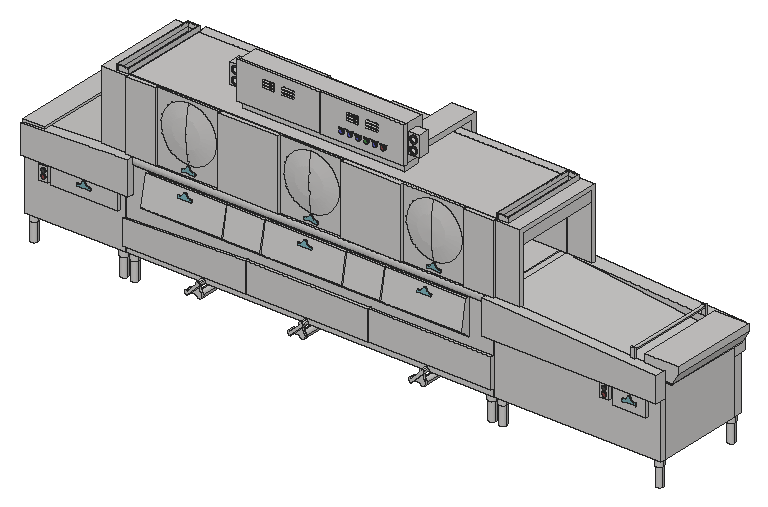
Revit family (continued)
Automatic sketch dimensions
  curve 115 to plane 64 = 0' - 0"
  curve 114 to plane 66 = 0' - 0"
  curve 31 to plane 49 = 0' - 0"
  curve 100 to plane 113 = 0' - 0"
  curve 98 to plane 112 = 0' - 0"
  curve 64 to plane 85 = 0' - 0"
  curve 57 to plane 84 = 0' - 0"
  curve 40 to plane 40 = 0' - 0"
  curve 41 to plane 37 = 0' - 0"
  curve 90 to plane 107 = 0' - 0"
  curve 88 to plane 106 = 0' - 0"
  curve 43 to plane 36 = 0' - 0"
  curve 44 to plane 39 = 0' - 0"
  curve 46 to plane 38 = 0' - 0"
  curve 48 to plane 35 = 0' - 0"
  curve 60 to plane 92 = 0' - 0"
  curve 142 to plane 123 = 0' - 0"
  curve 140 to plane 122 = 0' - 0"
  curve 48 to plane 34 = 0' - 0"
  curve 20 to plane 48 = 0' - 0"
  curve 119 to plane 52 = 0' - 0"
  curve 3 to plane 5 "FRONT" = 0' - 1"
  curve 7 to plane 5 "FRONT" = 0' - 1"
  plane 22 "Front of Main Body" to curve 80 = 0' - 1 1/8"
  plane 22 "Front of Main Body" to curve 132 = 0' - 1 1/8"
  plane 126 to curve 127 = 0' - 0 3/8"
  curve 127 to curve 127 = 0' - 1 1/8"
  curve 77 to plane 116 = 0' - 0 3/8"
  curve 77 to curve 75 = 0' - 1 1/8"
  plane 109 to curve 74 = 0' - 0 3/8"
  curve 74 to curve 73 = 0' - 1 1/8"
  plane 110 to curve 71 = 0' - 0 3/8"
  curve 71 to curve 69 = 0' - 1 1/8"
  curve 10 to curve 9 = 0' - 0 7/8"
  curve 38 to plane 22 "Front of Main Body" = 0' - 0.06488"
  curve 138 to plane 22 "Front of Main Body" = 0' - 0 3/4"
  curve 16 to plane 22 "Front of Main Body" = 0' - 0 3/4"
  curve 26 to plane 22 "Front of Main Body" = 0' - 0 3/4"
  curve 96 to plane 22 "Front of Main Body" = 0' - 0 3/4"
  curve 82 to plane 22 "Front of Main Body" = 0' - 0 3/4"
  curve 102 to curve 102 = 0' - 0 1/2"
  curve 107 to plane 31 "Back of Inside" = 0' - 0 1/2"
  curve 15 to plane 31 "Back of Inside" = 0' - 1"
  curve 33 to plane 31 "Back of Inside" = 0' - 1"
  curve 23 to curve 23 = 0' - 1"
  plane 21 "Back of Main Body" to curve 11 = 0' - 0 3/8"
  plane 1 "BACK" to curve 101 = 0' - 1 1/2"
  curve 5 to curve 5 = 0' - 1 1/2"
  plane 67 to curve 104 = 0' - 0 3/4"
  plane 67 to curve 107 = 0' - 0 3/4"
  curve 104 to curve 105 = 0' - 0 1/4"
  curve 109 to plane 67 = 0' - 0 1/2"
  curve 109 to curve 103 = 0' - 0 1/4"
  curve 109 to curve 108 = 0' - 0 1/4"
  curve 80 to curve 80 = 0' - 0 3/8"
  curve 145 to plane 75 = 0' - 0 1/2"
  curve 2 to plane 43 = 0' - 1 7/8"
  plane 125 to curve 131 = 0' - 0 3/8"
  radius of Extrusion 100 sketch curve = 0' - 1 1/4"
  radius of Extrusion 100 sketch curve = 0' - 1"
  radius of Extrusion 103 sketch curve = 0' - 0 5/8"
  radius of Extrusion 104 sketch curve = 0' - 0 5/8"
  radius of Extrusion 105 sketch curve = 0' - 0 5/8"
  radius of Extrusion 106 sketch curve = 0' - 0 5/8"
  radius of Extrusion 108 sketch curve = 0' - 1 1/4"
  radius of Extrusion 108 sketch curve = 0' - 1"
  radius of Extrusion 110 sketch curve = 0' - 1 1/4"
  radius of Extrusion 110 sketch curve = 0' - 1"
  radius of Extrusion 112 sketch curve = 0' - 1 1/4"
  radius of Extrusion 112 sketch curve = 0' - 1"
  radius of Extrusion 114 sketch curve = 0' - 0 5/8"
  radius of Extrusion 115 sketch curve = 0' - 0 5/8"
  radius of Extrusion 134 sketch curve = 0' - 1"
  radius of Extrusion 134 sketch curve = 0' - 1 1/8"
  radius of Extrusion 135 sketch curve = 0' - 1"
  radius of Extrusion 135 sketch curve = 0' - 1 1/8"
  radius of Extrusion 139 sketch curve = 0' - 1"
  radius of Extrusion 139 sketch curve = 0' - 1 1/8"
  radius of Extrusion 145 sketch curve = 0' - 1 1/4"
  radius of Extrusion 145 sketch curve = 0' - 1"
  radius of Extrusion 148 sketch curve = 0' - 0 5/8"
  radius of Extrusion 149 sketch curve = 0' - 0 5/8"
  radius of Extrusion 150 sketch curve = 0' - 0 5/8"
  radius of Extrusion 151 sketch curve = 0' - 0 5/8"
  radius of Extrusion 153 sketch curve = 0' - 1 1/4"
  radius of Extrusion 153 sketch curve = 0' - 1"
  radius of Extrusion 155 sketch curve = 0' - 1 1/4"
  radius of Extrusion 155 sketch curve = 0' - 1"
  radius of Extrusion 157 sketch curve = 0' - 1 1/4"
  radius of Extrusion 157 sketch curve = 0' - 1"
  radius of Extrusion 159 sketch curve = 0' - 0 5/8"
  radius of Extrusion 160 sketch curve = 0' - 0 5/8"
  radius of Extrusion 173 sketch curve = 0' - 1"
  radius of Extrusion 173 sketch curve = 0' - 1 1/8"
  radius of Extrusion 174 sketch curve = 0' - 1"
  radius of Extrusion 174 sketch curve = 0' - 1 1/8"
  radius of Extrusion 178 sketch curve = 0' - 1"
  radius of Extrusion 178 sketch curve = 0' - 1 1/8"
  radius of Extrusion 52 sketch curve = 0' - 0 3/4"
  radius of Extrusion 53 sketch curve = 0' - 0 3/4"
  radius of Extrusion 64 sketch curve = 0' - 0 1/2"
  radius of Extrusion 68 sketch curve = 0' - 0 3/4"
  radius of Extrusion 69 sketch curve = 0' - 0 3/4"
  radius of Extrusion 70 sketch curve = 0' - 1 3/16"
  radius of Extrusion 71 sketch curve = 0' - 1 7/16"
  radius of Extrusion 72 sketch curve = 0' - 1 3/16"
  radius of Extrusion 73 sketch curve = 0' - 1 7/16"
  radius of Extrusion 74 sketch curve = 0' - 1 3/16"
  radius of Extrusion 75 sketch curve = 0' - 1 7/16"
  radius of Extrusion 76 sketch curve = 0' - 1 3/16"
  radius of Extrusion 77 sketch curve = 0' - 1 7/16"
  radius of Extrusion 78 sketch curve = 0' - 1 3/16"
  radius of Extrusion 79 sketch curve = 0' - 1 7/16"
  radius of Extrusion 80 sketch curve = 0' - 1 3/16"
  radius of Extrusion 81 sketch curve = 0' - 1 7/16"
  radius of Extrusion 82 sketch curve = 0' - 1 3/16"
  radius of Extrusion 83 sketch curve = 0' - 1 7/16"
  radius of Extrusion 84 sketch curve = 0' - 1 3/16"
  radius of Extrusion 85 sketch curve = 0' - 1 7/16"
  radius of Extrusion 86 sketch curve = 0' - 1 3/16"
  radius of Extrusion 87 sketch curve = 0' - 1 7/16"
  radius of Extrusion 88 sketch curve = 0' - 1 3/16"
  radius of Extrusion 89 sketch curve = 0' - 1 7/16"
  radius of Extrusion 90 sketch curve = 0' - 1 3/16"
  radius of Extrusion 91 sketch curve = 0' - 1 7/16"
  radius of Extrusion 92 sketch curve = 0' - 1 3/16"
  radius of Extrusion 93 sketch curve = 0' - 1 7/16"
  radius of Extrusion 128 sketch curve = 0' - 1"
  radius of Extrusion 128 sketch curve = 0' - 1 1/8"
  radius of Sweep 131 sketch curve = 0' - 0 3/8"
  radius of Sweep 131 sketch curve = 0' - 0 1/2"
  radius of Sweep 132 sketch curve = 0' - 0 1/2"
  radius of Sweep 132 sketch curve = 0' - 0 5/8"
  radius of Extrusion 133 sketch curve = 0' - 0 1/2"
  radius of Extrusion 143 sketch curve = 0' - 0 1/4"
  radius of Extrusion 144 sketch curve = 0' - 0 1/4"
  radius of Extrusion 186 sketch curve = 0' - 0 1/4"
  radius of Extrusion 187 sketch curve = 0' - 0 1/4"
  radius of Sweep 188 sketch curve = 0' - 0 3/8"
  radius of Extrusion 189 sketch curve = 0' - 0 1/4"
  radius of Extrusion 190 sketch curve = 0' - 0 1/4"
  radius of Extrusion 191 sketch curve = 0' - 0 1/4"
  radius of Extrusion 192 sketch curve = 0' - 0 1/4"
  radius of Extrusion 193 sketch curve = 0' - 0 1/4"
  radius of Extrusion 194 sketch curve = 0' - 0 1/4"
  radius of Sweep 195 sketch curve = 0' - 0 3/8"
  radius of Sweep 196 sketch curve = 0' - 0 3/8"
  radius of Sweep 197 sketch curve = 0' - 0 3/8"
  radius of Sweep 200 sketch curve = 0' - 0 3/8"
  radius of Sweep 200 sketch curve = 0' - 0 1/2"
  radius of Extrusion 201 sketch curve = 0' - 0 1/4"
  radius of Extrusion 208 sketch curve = 0' - 0 1/4"
  radius of Extrusion 209 sketch curve = 0' - 0 1/4"
  radius of Sweep 210 sketch curve = 0' - 0 3/8"
  radius of Extrusion 211 sketch curve = 0' - 0 1/4"
  radius of Extrusion 212 sketch curve = 0' - 0 1/4"
  radius of Sweep 213 sketch curve = 0' - 0 3/8"
Nested families (in)
  nested 1: "QF_Stero_STPCW-ER_132_E_EX" at (110.84638, -6, 0), Ventilation Remarks <- "Unload Ventilation Remarks", Exhaust Volume <- "Unload Exhaust Volume", Exhaust Vent Width <- "Unload Exhaust Vent Width", Exhaust Vent Depth <- "Unload Exhaust Vent Depth", Exhaust Static Press <- "Unload Exhaust Static Press", Exhaust RI Height <- "Unload Exhaust RI Height", Item Number <- "Unload Exhaust Item Number", type "Nested"
    with Ventilation Remarks "", Item Number "-", Exhaust Volume 1000 CFM, Exhaust Vent Width 0' - 4", Exhaust Vent Depth 2' - 7 1/4", Exhaust Static Press 0.00 in-wg, Exhaust RI Height 0' - 0"
  nested 2: "QF_Stero_STPCW-ER_132_E_E2" at (17.97138, -26, 0), Watts <- "F2 Watts", Volts <- "F2 Volts", Phase <- "F2 Phase", Number of Poles <- "F2 Number of Poles", FL Amps <- "F2 FL Amps", Electrical Remarks <- "F2 Electrical Remarks", Electric Connection Type <- "F2 Electric Connection Type", Elec Conn RI Height <- "F2 Elec Conn RI Height", Elec Conn Connection Height <- "F2 Elec Conn Connection Height", Cycle <- "F2 Cycle", Conn Conduit <- "F2 Conn Conduit", Apparent Power <- "F2 Apparent Power", Item Number <- "F2 Item Number", visible <- "Feeder Line 2", type "Nested"
    with Watts 0 W, Volts 480 V, Phase 3, Number of Poles 3, Item Number "-", FL Amps 0 A, Electrical Remarks "", Electric Connection Type "", Elec Conn RI Height 0' - 0", Elec Conn Connection Height 6' - 6", Cycle 60 Hz, Conn Conduit yes, Apparent Power 0 VA
  nested 3: "QF_Stero_STPCW-ER_132_E_E2" at (18.72138, -26, 0), Watts <- "F3 Watts", Volts <- "F3 Volts", Phase <- "F3 Phase", Number of Poles <- "F3 Number of Poles", FL Amps <- "F3 FL Amps", Electrical Remarks <- "F3 Electrical Remarks", Electric Connection Type <- "F3 Electric Connection Type", Elec Conn RI Height <- "F3 Elec Conn RI Height", Elec Conn Connection Height <- "F3 Elec Conn Connection Height", Cycle <- "F3 Cycle", Conn Conduit <- "F3 Conn Conduit", Apparent Power <- "F3 Apparent Power", Item Number <- "F3 Item Number", visible <- "Feeder Line 3", type "Nested"
    with Watts 0 W, Volts 480 V, Phase 3, Number of Poles 3, Item Number "-", FL Amps 0 A, Electrical Remarks "", Electric Connection Type "", Elec Conn RI Height 0' - 0", Elec Conn Connection Height 6' - 6", Cycle 60 Hz, Conn Conduit yes, Apparent Power 0 VA
  nested 4: "QF_Stero_STPCW-ER_132_E_E2" at (122.72138, -3, 0), visible <- "Booster Heater", Watts <- "Booster Watts", Volts <- "Booster Volts", Phase <- "Booster Phase", Number of Poles <- "Booster Number of Poles", FL Amps <- "Booster FL Amps", Electrical Remarks <- "Booster Electrical Remarks", Electric Connection Type <- "Booster Electric Connection Type", Elec Conn RI Height <- "Booster Elec Conn RI Height", Elec Conn Connection Height <- "Booster Elec Conn Connection Height", Cycle <- "Booster Cycle", Conn Conduit <- "Booster Conn Conduit", Apparent Power <- "Booster Apparent Power", Item Number <- "Booster Item Number", type "Nested"
    with Watts 24000 W, Volts 480 V, Phase 3, Number of Poles 3, Item Number "-", FL Amps 28.9 A, Electrical Remarks "", Electric Connection Type "", Elec Conn RI Height 0' - 0", Elec Conn Connection Height 0' - 11", Cycle 60 Hz, Conn Conduit yes, Apparent Power 23998.6 VA
  nested 5: "QF_Stero_STPCW-ER_132_E_HW2" at (134.72138, -16.75, 0), visible <- "No Booster Heater", Plumbing Remarks <- "Boosted Plumbing Remarks", Hot Water Temperature <- "Boosted Hot Water Temperature", Hot Water Size <- "Boosted Hot Water Size", Hot Water RI Height <- "Boosted Hot Water RI Height", Hot Water Minimum Pressure <- "Boosted Hot Water Minimum Pressure", Hot Water Maximum Pressure <- "Boosted Hot Water Maximum Pressure", Hot Water Flow <- "Boosted Hot Water Flow", Hot Water Consumption <- "Boosted Hot Water Consumption", Hot Water Connection Height <- "Boosted Hot Water Connection Height", Item Number <- "Boosted HW Item Number", type "Nested"
    with Plumbing Remarks "", Item Number "-", Hot Water Temperature 180 °F, Hot Water Size Radius 3/8", Hot Water Size 3/4", Hot Water RI Height 0' - 0", Hot Water Minimum Pressure 20.00 psi, Hot Water Maximum Pressure 20.00 psi, Hot Water Flow 0.00 GPM, Hot Water Consumption 1.63 GPM, Hot Water Connection Height 0' - 6"
Connectors (in)
  hvac at (-23.40362, -21.625, 67.25), driven by "Exhaust Volume", driven by "Exhaust Vent Depth", driven by "Exhaust Vent Width"
    settings: on cut or joined group of Extrusion 25, Extrusion 27, index 1, duct flow 500 CFM, flow factor 0, pres drop 0.00 in-wg, loss coef 0, conn angle 0.00°, conn width 4", conn height 31 1/4", conn radius 12", duct sys type 3, conn prof type 1, flow config 1, flow direction 2, loss method 0, conn ref index -1, conn util no, is conn primary yes, conn desc "Load End Exhaust"
  hvac at (112.84638, -21.625, 67.25), driven by "Unload Exhaust Volume", driven by "Unload Exhaust Vent Depth", driven by "Unload Exhaust Vent Width"
    settings: on cut or joined group of Extrusion 29, Extrusion 31, index 2, duct flow 1000 CFM, flow factor 0, pres drop 0.00 in-wg, loss coef 0, conn angle 0.00°, conn width 4", conn height 31 1/4", conn radius 12", duct sys type 3, conn prof type 1, flow config 1, flow direction 2, loss method 0, conn ref index -1, conn util no, is conn primary no, conn desc "Unload End Exhaust"
  piping at (-39.90362, -20.25, 7), driven by "Indirect Waste Flow"
    settings: on Extrusion 128, index 3, connector radius 1", flow factor 0, pipe flow 0.00 GPM, pressure drop 0.00 psi, fitting loss kfactor 0, connector angle 0.00°, fixture units 0, flow configuration 1, flow direction 2, fitting loss method 0, system type 16, connector reference index -1, connector utility 0, adjustable connector no, is connector primary yes, fitting loss table "", connector description "Load End Indirect Waste"
  piping at (163.72138, -20.25, 7), driven by "Indirect Waste Flow"
    settings: on Extrusion 128, index 4, connector radius 1", flow factor 0, pipe flow 0.00 GPM, pressure drop 0.00 psi, fitting loss kfactor 0, connector angle 0.00°, fixture units 0, flow configuration 1, flow direction 2, fitting loss method 0, system type 16, connector reference index -1, connector utility 0, adjustable connector no, is connector primary no, fitting loss table "", connector description "Unload End Indirect Waste"
  piping at (146.72138, -8.5, 6), driven by "Hot Water Flow"
    settings: on Sweep 132, index 5, connector radius 1/2", flow factor 0, pipe flow 0.00 GPM, pressure drop 0.00 psi, fitting loss kfactor 0, connector angle 0.00°, fixture units 0, flow configuration 1, flow direction 1, fitting loss method 0, system type 19, connector reference index -1, connector utility 0, adjustable connector no, is connector primary no, fitting loss table "", connector description "Building Hot Water"
  piping at (-31.27862, -8.5, 6), driven by "Cold Water Flow"
    settings: on Sweep 131, index 6, connector radius 3/8", flow factor 0, pipe flow 0.00 GPM, pressure drop 0.00 psi, fitting loss kfactor 0, connector angle 0.00°, fixture units 0, flow configuration 1, flow direction 1, fitting loss method 0, system type 20, connector reference index -1, connector utility 0, adjustable connector no, is connector primary no, fitting loss table "", connector description "Cold Water"
  electrical at (16.72138, -26, 78.5), driven by "Number of Poles", driven by "Volts", driven by "Apparent Power"
    settings: on cut or joined group of Extrusion 95, Extrusion 133, index 7, voltage 480 V, apparent load 64189.9 VA, apparent load phase1 0 VA, apparent load phase2 0 VA, apparent load phase3 0 VA, power factor 1, load classification "Other", number of poles 3, system type 30, power factor state 1, is connector primary yes, connector utility no, sub classification motor no, connector description "Feeder 1 Electric"
  electrical at (29.97138, -25.9375, 78.5), driven by "F2 Number of Poles", driven by "F2 Volts", driven by "F2 Apparent Power"
    settings: on Extrusion 143, index 8, voltage 480 V, apparent load 0 VA, apparent load phase1 0 VA, apparent load phase2 0 VA, apparent load phase3 0 VA, power factor 1, load classification "Other", number of poles 3, system type 30, power factor state 1, is connector primary no, connector utility no, sub classification motor no, connector description "Feeder 2 Electric"
  electrical at (30.72138, -25.9375, 78.5), driven by "F3 Number of Poles", driven by "F3 Volts", driven by "F3 Apparent Power"
    settings: on Extrusion 144, index 9, voltage 480 V, apparent load 0 VA, apparent load phase1 0 VA, apparent load phase2 0 VA, apparent load phase3 0 VA, power factor 1, load classification "Other", number of poles 3, system type 30, power factor state 1, is connector primary no, connector utility no, sub classification motor no, connector description "Feeder 3 Electric"
  piping at (134.72138, -8.5, 6), driven by "Boosted Hot Water Flow"
    settings: on Sweep 200, index 11, connector radius 3/8", flow factor 0, pipe flow 0.00 GPM, pressure drop 0.00 psi, fitting loss kfactor 0, connector angle 0.00°, fixture units 0, flow configuration 1, flow direction 1, fitting loss method 0, system type 19, connector reference index -1, connector utility 0, adjustable connector no, is connector primary no, fitting loss table "", connector description "Booster Water"
  electrical at (122.72138, -2.9375, 11), driven by "Booster Number of Poles", driven by "Booster Volts", driven by "Booster Apparent Power"
    settings: on Extrusion 201, index 12, voltage 480 V, apparent load 23998.6 VA, apparent load phase1 0 VA, apparent load phase2 0 VA, apparent load phase3 0 VA, power factor 1, load classification "Other", number of poles 3, system type 30, power factor state 1, is connector primary no, connector utility no, sub classification motor no, connector description "Booster Electric"
Definition of nested family "QF_Stero_STPCW-ER_132_E_EX"
  Parameters (values of type "Nested")
    Ventilation Remarks [instance] = ""
    Item Number [instance] = "-"
    Exhaust Volume [instance] = 0 CFM
    Exhaust Vent Width [instance] = 1' - 4"
    Exhaust Vent Depth [instance] = 0' - 4"
    Exhaust Static Press [instance] = 0.00 in-wg
    Exhaust RI Height [instance] = 0' - 0"
    Description = ""
    Assembly Code = ""
  Reference planes (in)
    plane 1 "Center (Back)": y = 0
    plane 2: z = 0
    plane 3 "Center (Left)": x = 0
    plane 4: x = 16
    plane 5: y = -4
  Lines and regions (in)
    symbolic lines, style "QF_Multiple Utilities"
      curve 1: line (0, 0, 0) -> (16, 0, 0)
      curve 2: line (0, -4, 0) -> (0, 0, 0)
      curve 3: line (16, -4, 0) -> (0, -4, 0)
      curve 4: line (16, 0, 0) -> (16, -4, 0)
      curve 5: line (16, 0, 0) -> (0, -4, 0)
      curve 6: line (0, 0, 0) -> (16, -4, 0)
  Dimensions and locks (in)
    "Exhaust Vent Width": plane 3 "Center (Left)" to plane 4
    "Exhaust Vent Depth": plane 1 "Center (Back)" to plane 5
    aligned and locked: level to plane 2
    aligned and locked: plane 1 "Center (Back)" to curve 1
    aligned and locked: plane 3 "Center (Left)" to curve 2
    aligned and locked: curve 3 to plane 5
    aligned and locked: curve 4 to plane 4
Definition of nested family "QF_Stero_STPCW-ER_132_E_E2"
  Parameters (values of type "Nested")
    Watts [instance] = 0 W
    Volts [instance] = 0 V
    Phase [instance] = 1
    Number of Poles [instance] = 1
    Item Number [instance] = "-"
    FL Amps [instance] = 0 A
    Electrical Remarks [instance] = ""
    Electric Connection Type [instance] = ""
    Elec Conn RI Height [instance] = 0' - 0"
    Elec Conn Connection Height [instance] = 0' - 0"
    Description = ""
    Cycle [instance] = 0 Hz
    Conn Conduit [instance] = yes
    Assembly Code = ""
    Apparent Power [instance] = 0 VA
  Reference planes (in)
    plane 1 "Center (Back)": y = 0
    plane 2: z = 0
    plane 3 "Center (Left)": x = 0
  Lines and regions (in)
    symbolic lines, style "QF_Multiple Utilities"
      curve 1: circle (0, 0, 0) r 0.125 normal (0, 0, 1)
  Dimensions and locks (in)
    aligned and locked: level to plane 2
Definition of nested family "QF_Stero_STPCW-ER_132_E_HW2"
  Parameters (values of type "Nested")
    Plumbing Remarks [instance] = ""
    Item Number [instance] = "-"
    Hot Water Temperature [instance] = 0 °F
    Hot Water Size [instance] = 1/4"
    Hot Water RI Height [instance] = 0' - 0"
    Hot Water Minimum Pressure [instance] = 0.00 psi
    Hot Water Maximum Pressure [instance] = 0.00 psi
    Hot Water Flow [instance] = 0.00 GPM
    Hot Water Consumption [instance] = 0.00 GPM
    Hot Water Connection Height [instance] = 0' - 0"
    Description = ""
    Hot Water Size Radius [instance] = Hot Water Size / 2  # 1/8"
    Assembly Code = ""
  Reference planes (in)
    plane 1 "Center (Back)": y = 0
    plane 2: z = 0
    plane 3 "Center (Left)": x = 0
  Lines and regions (in)
    symbolic lines, style "QF_Multiple Utilities"
      curve 1: circle (0, 0, 0) r 0.125 normal (0, 0, 1)
  Dimensions and locks (in)
    "Hot Water Size Radius": radius of curve 1
    aligned and locked: level to plane 2
  Automatic sketch dimensions
    plane 1 "Center (Back)" to curve 1 = 0' - 0"
    curve 1 to plane 3 "Center (Left)" = 0' - 0"
Types (3): name | Volts | FL Amps | F3 Volts | F2 Volts | Booster Volts | Booster FL Amps | Booster Apparent Power | Apparent Power
  (no name) | 480 V | 77.3 A | 480 V | 480 V | 480 V | 28.9 A | 23998.6 VA | 64189.9 VA
  208/60/3 | 208 V | 175.6 A | 208 V | 208 V | 208 V | 66.7 A | 24001.3 VA | 63187.9 VA
  480/60/3 | 480 V | 77.3 A | 480 V | 480 V | 480 V | 28.9 A | 23998.6 VA | 64189.9 VA
